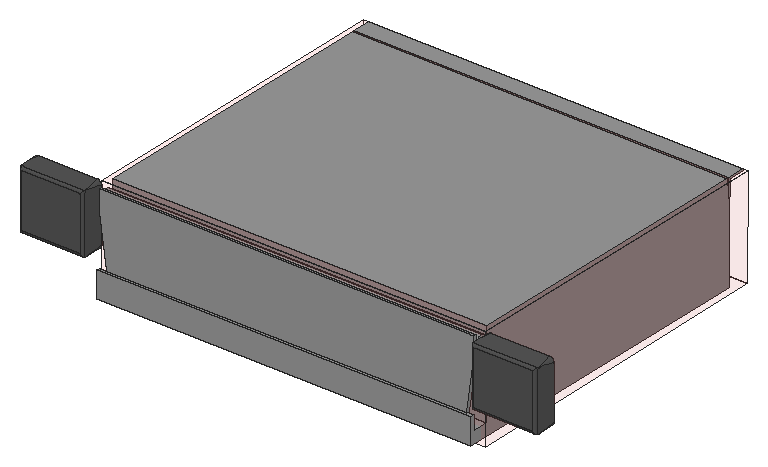
Revit family "Dock_Leveler_Nova-Tech_NMS", category Generic Models, Revit 2017
Family settings
  Can host rebar = No
  Round Connector Dimension = Use Diameter
  Part Type = Normal
  OmniClass Number = 23.50.70.14
  OmniClass Title = Dock Levelers
  Work Plane-Based = Yes
  Always vertical = No
  Cut with Voids When Loaded = No
  Shared = No
  Room Calculation Point = No
Parameters
  Weather Seals [instance] = "[Rubber][Brush]"
  Warranty Duration (Years) = 0
  Unit Width = 6' - 0"
  Unit Length = Pit Length + 0' 2 1/2"  # 5' - 5 1/2"
  Unit Depth = 1' - 7"
  URL = "http://www.novalocks.com/"
  Test Data = ""
  Steel Pan_4 Sided [instance] = no
  Steel Pan_3 Sided [instance] = no
  Specification = "http://arcat.com/arcatcos/cos43/arc43493.html?isac=1&r=2"
  SpecWizard = ""
  Send Message = "http://www.arcat.com/users.pl?action=UserEmail&company=Nova+Technology&coid=43493&rep=132&fax=262-502-1511&mf="
  Sales Information = "http://www.novalocks.com/general-contact-info/"
  Revision = "R1_04-2013"
  Product Properties = ""
  Product Data = "http://arcat.com/arcatcos/cos43/arc43493.html?isac=1&r=2"
  Pit Width = 6' - 2"
  Pit Length = 5' - 3"
  Pit Depth_Rear = Pit Depth_Front - 0' 0 1/2"  # 1' - 7 1/2"
  Pit Depth_Front = 1' - 8"
  Model = "As Specified"
  Manufacturer Website = "http://www.novalocks.com/"
  Manufacturer Phone - Toll Free = "800-236-7325"
  Manufacturer Phone = "262-502-1591"
  Manufacturer Fax = "262-502-1511"
  Manufacturer Address = "N90 W14507 Commerce Dr. Menomonee Falls, WI 53051"
  Manufacturer = "Nova Technology"
  Maintenance Schedule (Months) = 0
  Lip Size [instance] = 1' - 4"
  Keynote = "11160"
  Installation-Fabrication = ""
  Installation Phase = ""
  Green Building-LEED = ""
  Full Range Toe Guards [instance] = no
  Bumper Type [instance] = 4x12x13 Molded Bumper : 4x12x13 Molded Bumper
  Bumper Finish [instance] = Rubber - Nova - Black
  3 Wheel Forklift Protection [instance] = no
  Foam Insulated Deck [instance] = no
  Fixture Material = Metal - Nova - Gray
  Expected Lifespan (Years) = 0
  Drawn By = "Sumex Design, Inc. / Robert S. Weygant, CSI, CDT, SCIP"
  Description = "Nova Technology Dock Product as Specified"
  Default Elevation = 0' - 0"
  Copyright = "©Arcat Inc."
  Construction Details = ""
  Pit Clearance Visible [instance] = yes
  Capacity = "as Specified"
  Building Codes = ""
  Assembly Code = "E1030300"
  24 inch Pit Kit [instance] = no
Reference planes (in)
  plane 1 "Interior Pit Edge": y = 0
  plane 2 "Host": z = 0
  plane 3 "Center (Left/Right)": x = 0
  plane 4 "OH": y = -65.5
  plane 5: x = -36
  plane 6: x = 36
  plane 7: z = 20
  plane 8: z = 0.5
  plane 9: z = 1
  plane 10: x = -37
  plane 11: x = 37
  plane 12: y = -63
  plane 13: y = -3.5
Forms (in)
  Extrusion 1, solid, material "Metal - Nova - Gray" <- "Fixture Material"
    sketch origin (0, 0, 0) x (1, 0, 0) y (0, 1, 0)
      loop
        line (-36, -3.5) -> (-36, -61.625) -> (36, -61.625) -> (36, -3.5) -> (-36, -3.5)
    from 1 to 20
  Extrusion 2, solid, material "Metal - Nova - Gray" <- "Fixture Material"
    sketch origin (0, 0, 0) x (0, 1, 0) y (0, 0, 1)
      loop
        line (-61.625, 18.4375) -> (-62.10058, 18.4375)
        arc (-62.10058, 18.4375) -> (-62.96875, 18.93936) -> (-63.83692, 18.4375) r 1.00186
        line (-63.83692, 18.4375) -> (-64.3125, 18.4375) -> (-64.3125, 17.4375) -> (-63.83692, 17.4375)
        arc (-63.83692, 17.4375) -> (-62.96875, 16.93564) -> (-62.10058, 17.4375) r 1.00186
        line (-62.10058, 17.4375) -> (-61.625, 17.4375) -> (-61.625, 18.4375)
    from -36 to 36
  Extrusion 3, solid, material "Metal - Nova - Gray" <- "Fixture Material"
    sketch origin (0, 0, 0) x (0, 1, 0) y (0, 0, 1)
      loop
        line (-61.625, 1) -> (-61.625, 3.25) -> (-64.75, 3.25) -> (-64.75, 6) -> (-65.5, 6) -> (-65.5, 1) -> (-61.625, 1)
    from -36 to 36
  Extrusion 4, solid, material "Metal - Nova - Gray" <- "Fixture Material"
    sketch origin (-11.94222, -65.5, 48) x (-1, 0, 0) y (0, 0, 1)
      loop
        line (24.05778, -28.31064) -> (-47.94222, -28.31064) -> (-47.94222, -32.31064) -> (-46.19398, -44.75) -> (22.30954, -44.75) -> (24.05778, -32.31064) -> (24.05778, -28.31064)
    from 0.75 to 1.1875
  Extrusion 5, solid, material "Metal - Nova - Gray" <- "Fixture Material"
    sketch origin (0, 0, 0) x (0, 1, 0) y (0, 0, 1)
      loop
        line (-3.5, 20) -> (-3.5, 16.5) -> (-3.125, 16.5) -> (-3.125, 19.625) -> (0, 19.625) -> (0, 20) -> (-3.5, 20)
    from -36 to 36
  Extrusion 6, void
    sketch origin (0, 0, 0) x (0, 1, 0) y (0, 0, 1)
      loop
        line (-3.5, 20) -> (-3.875, 20) -> (-3.875, 18.75) -> (-3.5, 18.75) -> (-3.5, 20)
    from -36 to 36
  Extrusion 7, solid, visible <- "Pit Clearance Visible"
    sketch origin (65.95756, -35.6525, 0) x (0, 1, 0) y (0, 0, 1)
      loop
        line (35.6525, 0.5) -> (35.6525, 20) -> (-27.3475, 20) -> (-27.3475, 0) -> (35.6525, 0.5)
    from -102.95756 to -28.95756
Cuts and joins
  Extrusion 6 cuts Extrusion 1
  Extrusion 6 cuts Extrusion 3
  joined: Extrusion 1, Extrusion 3
  Extrusion 6 cuts Extrusion 5
Lines and regions (in)
  reference lines
    curve 1: line (0, 0, 0.5) -> (0, -63, 0)
Dimensions and locks (in)
  equal spacing: plane 5, plane 3 "Center (Left/Right)", plane 6
  "Unit Width": plane 5 to plane 6
  "Unit Length": plane 4 "OH" to plane 1 "Interior Pit Edge"
  locked: plane 8 to level at 0.5
  "Pit Depth_Front": plane 7 to level
  "Unit Depth": plane 7 to plane 9
  equal spacing: plane 10, plane 3 "Center (Left/Right)", plane 11
  "Pit Width": plane 10 to plane 11
  "Pit Length": plane 12 to plane 1 "Interior Pit Edge"
  locked: plane 13 to plane 1 "Interior Pit Edge" at 3.5
  locked: Extrusion 1 sketch curve to plane 12 at 1.375
  plane 4 "OH" to Extrusion 2 sketch curve to Extrusion 2 sketch curve to Extrusion 2 sketch curve = 0' - 1 3/16" locked, 0' - 1 11/32" locked, 0' - 1 11/32" locked
  Extrusion 3 sketch curve to Extrusion 3 sketch curve to plane 9 = 0' - 2 3/4" locked, 0' - 2 1/4" locked
  plane 4 "OH" to Extrusion 3 sketch curve to Extrusion 3 sketch curve = 0' - 0 3/4" locked, 0' - 3 1/8" locked
  plane 7 to Extrusion 4 sketch curve to Extrusion 4 sketch curve to Extrusion 4 sketch curve = 0' - 0.31064" locked, 0' - 4" locked, 1' - 0.43936" locked
  locked: plane 7 to Extrusion 4 sketch curve at 4.31064
  plane 7 to Extrusion 5 sketch curve to Extrusion 5 sketch curve = 0' - 0 3/8" locked, 0' - 3 1/8" locked
  locked: Extrusion 6 sketch curve to plane 13 at 0.375
  locked: plane 7 to Extrusion 6 sketch curve at 1.25
  aligned and locked: plane 12 to curve 1
  aligned and locked: level to curve 1
  aligned and locked: plane 1 "Interior Pit Edge" to curve 1
  aligned and locked: plane 8 to curve 1
  aligned and locked: plane 5 to Extrusion 1 sketch curve
  aligned and locked: Extrusion 1 sketch curve to plane 13
  aligned and locked: Extrusion 1 sketch curve to plane 6
  aligned and locked: plane 7 to Extrusion 1
  aligned and locked: Extrusion 1 to plane 9
  aligned and locked: plane 6 to Extrusion 2
  aligned and locked: Extrusion 2 to plane 5
  aligned and locked: plane 4 "OH" to Extrusion 3 sketch curve
  aligned and locked: plane 9 to Extrusion 3 sketch curve
  aligned and locked: plane 6 to Extrusion 3
  aligned and locked: Extrusion 3 to plane 5
  aligned and locked: Extrusion 5 sketch curve to plane 7
  aligned and locked: plane 6 to Extrusion 6
  aligned and locked: Extrusion 6 to plane 5
  aligned and locked: plane 6 to Extrusion 5
  aligned and locked: Extrusion 5 to plane 5
  aligned and locked: plane 1 "Interior Pit Edge" to Extrusion 7 sketch curve
  aligned and locked: Extrusion 7 sketch curve to plane 7
  aligned and locked: plane 12 to Extrusion 7 sketch curve
  aligned and locked: Extrusion 7 sketch curve to curve 1
  aligned and locked: Extrusion 7 to plane 10
  aligned and locked: plane 11 to Extrusion 7
  aligned and locked: nested 1 to plane 10
  aligned and locked: nested 1 to plane 7
  aligned and locked: nested 2 to plane 7
  aligned and locked: nested 2 to plane 11
Automatic sketch dimensions
  Extrusion 2 sketch curve to Extrusion 2 sketch curve = 0' - 0.47558"
  Extrusion 2 sketch curve to Extrusion 2 sketch curve = 0' - 0"  (x5)
  Extrusion 2 sketch curve to plane 7 = 0' - 2 9/16"
  Extrusion 2 sketch curve to Extrusion 2 sketch curve = 0' - 0 1/2"
  Extrusion 2 sketch curve to Extrusion 2 sketch curve = 0' - 1"
  Extrusion 4 sketch curve to plane 6 = 0' - 0"
  Extrusion 4 sketch curve to plane 5 = 0' - 0"
  Extrusion 4 sketch curve to plane 6 = 0' - 1.74824"
  plane 5 to Extrusion 4 sketch curve = 0' - 1.74824"
  Extrusion 5 sketch curve to plane 13 = 0' - 0"
  Extrusion 5 sketch curve to plane 1 "Interior Pit Edge" = 0' - 0"
  plane 13 to Extrusion 5 sketch curve = 0' - 0 3/8"
  Extrusion 6 sketch curve to plane 7 = 0' - 0"
  Extrusion 6 sketch curve to plane 13 = 0' - 0"
Nested families (in)
  nested 1: "4x12x13 Molded Bumper" at (-43.5, -63, 14) x (1, 0, 0) z (0, -1, 0), material <- "Bumper Finish", type <- "Bumper Type", type "4x12x13 Molded Bumper"
    with material Rubber - Nova - Black
  nested 2: "4x12x13 Molded Bumper" at (43.5, -63, 14) x (1, 0, 0) z (0, -1, 0), material <- "Bumper Finish", type <- "Bumper Type", type "4x12x13 Molded Bumper"
    with material Rubber - Nova - Black
Connectors (in)
  electrical at (0, -34.5, 1)
    settings: on cut or joined group of Extrusion 1, Extrusion 3, Extrusion 6, index 1, voltage 0 V, apparent load 0 VA, apparent load phase1 0 VA, apparent load phase2 0 VA, apparent load phase3 0 VA, power factor 1, load classification "Other", number of poles 1, system type 13, power factor state 1, is connector primary yes, connector utility no, sub classification motor no, connector description ""
Definition of nested family "4x12x13 Molded Bumper"
  Parameters
    material [instance] = none
    Default Elevation = 4' - 0"
    Assembly Code = ""
  Reference planes (in)
    plane 1 "Center (Front/Back)": y = 0
    plane 2: z = 0
    plane 3 "Center (Left/Right)": x = 0
    plane 4: x = -6.5
    plane 5: x = 6.5
    plane 6: y = 6
    plane 7: y = -6
  Forms (in)
    Sweep 1, solid, material <- "material"
      path origin (0, 0, 0) x (1, 0, 0) y (0, 1, 0)
        loop
          line (-6.5, 6) -> (-6.5, -6) -> (6.5, -6) -> (6.5, 6) -> (-6.5, 6)
      profile origin (0, 6, 0) x (0, 1, 0) y (0, 0, 1)
        loop
          line (0, 0) -> (-0.31002, 3.54358)
          arc (-0.31002, 3.54358) -> (-0.47033, 3.86864) -> (-0.80812, 4) r 0.5
          line (-0.80812, 4) -> (-1.05812, 4) -> (-1.05812, 0) -> (0, 0)
    Extrusion 2, void
      sketch origin (0, 0, 0) x (1, 0, 0) y (0, 1, 0)
        loop
          line (-6.5, 6) -> (-6.5, 5)
          arc (-6.5, 5) -> (-6.20711, 5.70711) -> (-5.5, 6) r 1
          line (-5.5, 6) -> (-6.5, 6)
        loop
          line (6.5, 6) -> (5.5, 6)
          arc (5.5, 6) -> (6.20711, 5.70711) -> (6.5, 5) r 1
          line (6.5, 5) -> (6.5, 6)
        loop
          line (-6.5, -6) -> (-5.5, -6)
          arc (-5.5, -6) -> (-6.20711, -5.70711) -> (-6.5, -5) r 1
          line (-6.5, -5) -> (-6.5, -6)
        loop
          line (6.5, -6) -> (6.5, -5)
          arc (6.5, -5) -> (6.20711, -5.70711) -> (5.5, -6) r 1
          line (5.5, -6) -> (6.5, -6)
      from 0 to 12
    Extrusion 3, solid, material <- "material"
      sketch origin (0, 0, 0) x (1, 0, 0) y (0, 1, 0)
        loop
          line (-5.44188, 4.94188) -> (-5.44188, -4.94188) -> (5.44188, -4.94188) -> (5.44188, 4.94188) -> (-5.44188, 4.94188)
      from 0 to 4
  Cuts and joins
    Extrusion 2 cuts Sweep 1
    joined: Sweep 1, Extrusion 3
  Dimensions and locks (in)
    aligned and locked: level to plane 2
